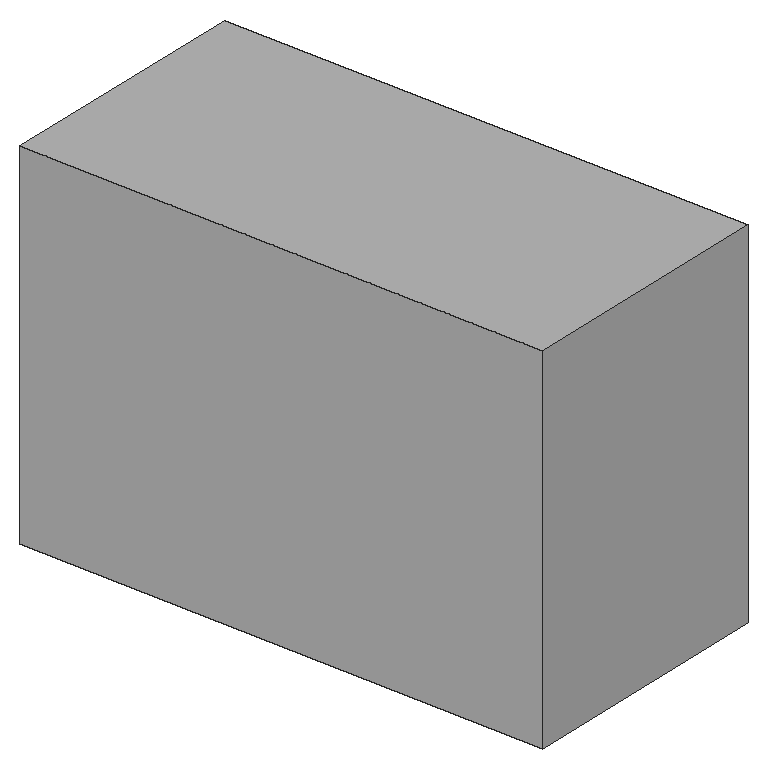
Revit family "215x300x440mm Padstone -PS105", category Generic Models, Revit 2020
Family settings
  Can host rebar = No
  Round Connector Dimension = Use Diameter
  Part Type = Normal
  Work Plane-Based = No
  Always vertical = Yes
  Cut with Voids When Loaded = No
  Shared = No
  Room Calculation Point = No
Parameters
  Weight = "68Kg"
  Warranty Guarantor Parts = "n/a"
  Warranty Guarantor Labour = "n/a"
  Warranty Duration Unit = "n/a"
  Warranty Duration Parts = "n/a"
  Warranty Duration Labour = "n/a"
  Warranty Description = "n/a"
  Unit Width [instance] = 215 mm
  Unit Length [instance] = 440 mm
  Unit Height [instance] = 300 mm
  URL = "www.killeshal.com"
  Types = "Single"
  Type Comments = "Visit our website for a full list of available products."
  Sustainability Performance = "n/a"
  Structural Class = "n/a"
  Span = "Length."
  Slope = "0.00°"
  Size = "215 Wide x 300 High x 440mm Long."
  Shape = "As per drawing"
  Service Life = "0.000000"
  Serial Number = "n/a"
  Resistance to Fire = "n/a"
  Replacement Cost = "n/a"
  Reference = "n/a"
  Notified Body = "n/a"
  Nominal Cover to Main Bar = "n/a"
  Model = "P/105 Padstone."
  Mechanical Resistance = "n/a"
  Manufacturer = "Killeshal Precast Concrete Ltd."
  Load Bearing = yes
  Life Cycle Environmental Load = "n/a"
  Length Options = "Stock sizes available. Custom sizes made to order."
  Keynote = "The information contained is the sole property of KPC Ltd., any reproduction in part or whole without permission of KPC Ltd. is prohibited."
  Environmental Product Declaration = "n/a"
  Environmental Class = "n/a"
  Durability against Corrosion = "n/a"
  Dimension Accuracy Class = "n/a"
  Detailing = "As per design specification and product drawings."
  Description = "Padstone 215 x 300 x 440mm."
  Default Elevation = 0 mm
  Dangerous Substances = "n/a"
  Contact Tel = "0035357 9353018"
  Contact Email = "sales@killeshal.com"
  Construction Type = "Precast"
  Construction Tolerance Class = "n/a"
  Compressive Strength of Concrete = "40N/mm²"
  Characteristics of Reinforcing Steel = "n/a"
  Characteristics Deflection Under Load = "n/a"
Reference planes
  plane 1 "Center (Front/Back)": y = 0
  plane 2: z = 0
  plane 3 "Center (Left/Right)": x = 0
  plane 4 "Rear": y = 107.5
  plane 5 "Front": y = -107.5
  plane 6 "Top": z = 300
Forms (mm)
  Extrusion 1, solid, material "Precast Concrete (KPC)"
    sketch origin (0, 0, 0) x (0, 1, 0) y (0, 0, 1)
      loop
        line (107.5, 0) -> (107.5, 300) -> (-107.5, 300) -> (-107.5, 0) -> (107.5, 0)
    from 0 to 440
Dimensions and locks
  "Unit Length": Extrusion 1 to Extrusion 1
  "Unit Width": Extrusion 1 to Extrusion 1
  "Unit Height": Extrusion 1 to Extrusion 1
  aligned and locked: level to plane 2
Automatic sketch dimensions
  Extrusion 1 sketch curve to level = 0 mm
  Extrusion 1 sketch curve to plane 5 "Front" = 0 mm
  Extrusion 1 sketch curve to plane 4 "Rear" = 0 mm
  Extrusion 1 sketch curve to plane 6 "Top" = 0 mm
